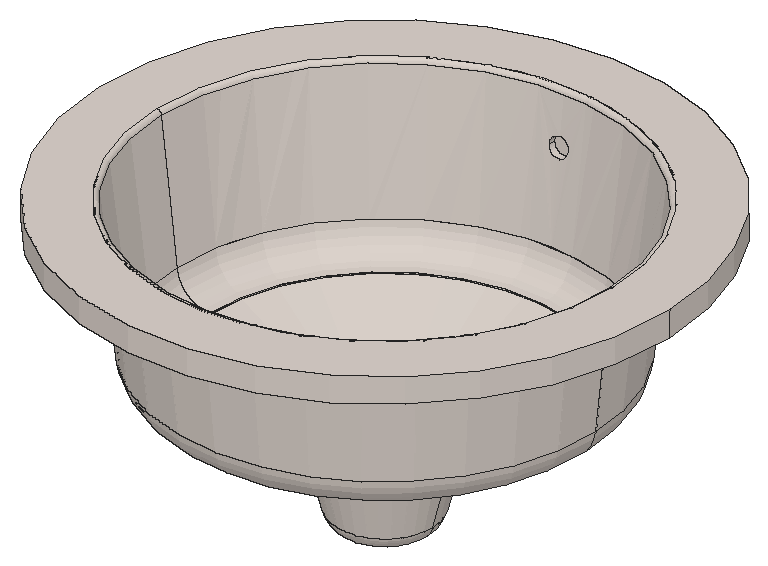
Revit family "xBasin-Undercounter-DXV-Pop_Round-D20055000_Series", category Plumbing Fixtures, Revit 2014
Parameters (values of type "D20055000.071")
  Width = 14 5/8"
  Waste Connection Radius = 5/8"
  Waste Connection Height = 20 1/4"
  Waste Connection Diameter = Waste Connection Radius * 2  # 1 1/4"
  Waste Connection = yes
  Warranty Documentation Link = "https://www.dxv.com/-/media/files/dxv/warranty/dxv_warranty_booklet.ashx"
  WFU = 2
  Vent Connection = no
  URL = "http://www.dxv.com/"
  Product Page URL = "https://www.dxv.com/product/pop-round-undermount-bathroom-sink-by-dxv"
  Product Documentation Link = "https://dxv01.blob.core.windows.net/dxv-product-pdf-files/spec_D20055000_DXV_Pop_rd_uc_lav_EN.pdf"
  Price = "Prices may vary. Please consult Manufacturer Representative for most up-to-date price list."  # constant formula
  Outlet Location = 3 1/16"
  Model = "D20055000.071"
  Material = "Vitreous China-DXV-071-Biscuit"
  Manufacturer = "DXV"  # constant formula
  Length = 14 5/8"
  Installation Type = "Undercounter"  # constant formula
  Hot Water Connection Width = 4"
  Hot Water Connection Radius = 1/4"
  Hot Water Connection Height = 22 3/4"
  Hot Water Connection Diameter = Hot Water Connection Radius * 2  # 1/2"
  Height = 7 1/2"
  HWFU = 1.5
  HW Connection = yes
  Finish = Vitreous China-DXV-071-Biscuit
  Description = "Pop Round Under Counter Lavatory "  # constant formula
  Default Elevation = 34"
  Creation Date = "11/15/2017"  # constant formula
  Cold Water Connection Width = 4"
  Cold Water Connection Radius = 1/4"
  Cold Water Connection Height = Hot Water Connection Height  # 22 3/4"
  Cold Water Connection Diameter = Cold Water Connection Radius * 2  # 1/2"
  CWFU = 1.5
  CW Connection = yes
  Basin Shape = "Round"  # constant formula
  Assembly Code = "D2010310"
  ADA Compliant = yes
Types (4): name | Model | Material | Finish
  (no name) | "D20055000.071" | "Vitreous China-DXV-071-Biscuit" | Vitreous China-DXV-071-Biscuit
  D20055000.415 | "D20055000.415" | "Vitreous China-DXV-415-Canvas White" | Vitreous China-DXV-415-Canvas White
  D20055000.071 | "D20055000.071" | "Vitreous China-DXV-071-Biscuit" | Vitreous China-DXV-071-Biscuit
  D20055000.178 | "D20055000.178" | "Vitreous China-DXV-178-Black" | Vitreous China-DXV-178-Black
Reference planes (in)
  plane 1 "Center (Front/Back)": y = 0
  plane 2: z = 0
  plane 3 "Center (Left/Right)": x = 0
  plane 4: y = -3.0625
  plane 5: y = -4.625
  plane 6: z = -34
  plane 7: z = -7.5
  plane 8: z = -11.25
  plane 9: z = -13.75
  plane 10: z = -0.625
  plane 11: z = -5.5
  plane 12: x = -1
  plane 13: x = 1
  plane 14: y = -5.125
  plane 15: z = 1
  plane 16: y = -9.375
  plane 17: y = -17.6875
  plane 18: y = -10.375
  plane 19: x = 7.3125
  plane 20: x = -7.3125
  plane 21: x = 5.75
  plane 22: x = -5.75
  plane 23: y = -16.125
Forms (in)
  Sweep 1, solid, material "Vitreous China-DXV-071-Biscuit" <- "Finish"
    path origin (0, -9.4375, 0) x (1, 0, 0) y (0, 1, 0)
      loop
        circle (0, -0.9375) r 7.3125
    profile origin (7.3125, -10.375, 0) x (-1, 0, 0) y (0, 0, 1)
      loop
        line (0, 0) -> (0, -0.625) -> (1.46158, -0.625)
        arc (1.46158, -0.625) -> (1.54466, -0.65661) -> (1.58573, -0.73546) r 0.125
        line (1.58573, -0.73546) -> (1.90674, -3.47578)
        arc (1.90674, -3.47578) -> (2.20567, -4.04976) -> (2.81052, -4.27988) r 0.90996
        line (2.81052, -4.27988) -> (2.8445, -4.27988) -> (2.8445, -4.21738) -> (2.81052, -4.21738)
        arc (2.81052, -4.21738) -> (2.24721, -4.00306) -> (1.96881, -3.46851) r 0.84746
        line (1.96881, -3.46851) -> (1.57544, -0.11046)
        arc (1.57544, -0.11046) -> (1.53438, -0.03161) -> (1.45129, 0) r 0.125
        line (1.45129, 0) -> (0.15948, 0) -> (0, 0)
  Blend 2, solid, material "Vitreous China-DXV-071-Biscuit" <- "Finish"
    base sketch origin (0, -9.4375, 0) x (1, 0, 0) y (0, 1, 0)
      loop
        circle (0, -0.9375) r 1
    top sketch origin (0, -9.4375, 0) x (1, 0, 0) y (0, 1, 0)
      loop
        circle (0, -0.9375) r 4.468
    from -6.00409 to -4.21738
  Revolve 3, solid, material "Vitreous China-DXV-071-Biscuit" <- "Finish"
    sketch origin (0, -10.375, 0) x (1, 0, 0) y (0, 0, 1)
      loop
        line (-0.625, -7.5) -> (-0.625, -5.25) -> (-1.74613, -5.25) -> (-1.24255, -7.12941)
        arc (-1.24255, -7.12941) -> (-1.06397, -7.39668) -> (-0.75959, -7.5) r 0.5
        line (-0.75959, -7.5) -> (-0.625, -7.5)
      axis (0, -7.5) -> (0, -5.25)
    angle from 0 to 360
  Extrusion 4, void
    sketch origin (0, -9.4375, 0) x (1, 0, 0) y (0, 1, 0)
      loop
        circle (0, -0.9375) r 0.75
    from -7.5 to -3.38939
  Extrusion 5, solid, not visible
    sketch origin (0, 0, 0) x (1, 0, 0) y (0, 0, 1)
      loop
        circle (-4, -11.25) r 0.25
      loop
        circle (4, -11.25) r 0.25
      loop
        circle (0, -13.75) r 0.625
    from 0 to 0.03125
  Extrusion 6, void
    sketch origin (0, 0, 0) x (1, 0, 0) y (0, 0, 1)
      loop
        circle (0, -1.28839) r 0.25
    from 4.625 to 5.125
  Blend 7, void
    base sketch origin (0, -9.4375, 0) x (1, 0, 0) y (0, 1, 0)
      loop
        circle (0, -0.9375) r 1
    top sketch origin (0, -9.4375, 0) x (1, 0, 0) y (0, 1, 0)
      loop
        circle (0, -0.9375) r 4.468
    from -5.5 to -4.21738
  Extrusion 8, void
    sketch origin (0, 0, 0) x (1, 0, 0) y (0, 1, 0)
      loop
        circle (0, -10.375) r 5.375
    from -7.5 to 1
  Sweep 9, solid, material "Vitreous China-DXV-071-Biscuit" <- "Finish"
    path origin (0, 0, 0) x (1, 0, 0) y (0, 1, 0)
      loop
        arc (1.58271, -3.23584) -> (0, -3.0625) -> (-1.58271, -3.23584) r 7.3125
    profile origin (0, -3.0625, 0) x (0, -1, 0) y (0, 0, 1)
      loop
        line (0.80787, -0.59375) -> (1.20886, -4.11256)
        arc (1.20886, -4.11256) -> (1.56984, -4.77102) -> (2.28869, -4.98814) r 0.99238
        arc (2.28869, -4.98814) -> (2.95079, -5.07454) -> (3.50979, -5.43972) r 1.5
        line (3.50979, -5.43972) -> (5.02426, -7.00883)
        arc (5.02426, -7.00883) -> (5.1886, -7.12183) -> (5.38403, -7.1616) r 0.5
        line (5.38403, -7.1616) -> (6.39343, -7.1616) -> (6.39343, -5.96956) -> (2.8445, -4.23864)
        arc (2.8445, -4.23864) -> (2.28489, -4.05464) -> (1.94365, -3.57446) r 0.94302
        line (1.94365, -3.57446) -> (1.60398, -0.59375) -> (0.80787, -0.59375)
Cuts and joins
  Extrusion 4, Extrusion 6 cuts Sweep 1
  Extrusion 4, Blend 7 cuts Blend 2
  Extrusion 4, Blend 7 cuts Revolve 3
  Extrusion 4, Extrusion 6 cuts Sweep 9
  joined: Sweep 1, Blend 2, Revolve 3, Sweep 9
Lines and regions (in)
  Masking region 1
    outline origin (0, -1, 0) x (1, 0, 0) y (0, 1, 0)
      loop
        circle (0, -9.375) r 7.3125
  symbolic lines, detail levels medium+fine
    curve 1: circle (0, -10.375, 0) r 0.75 normal (0, 0, 1)
    curve 3: circle (0, -10.375, 0) r 5.75 normal (0, 0, 1)
  symbolic lines, detail levels fine
    curve 2: circle (0, -10.375, 0) r 1 normal (0, 0, 1)
    curve 4: circle (0, -10.375, 0) r 4.5 normal (0, 0, 1)
Dimensions and locks (in)
  "Default Elevation": level to plane 6
  "Waste Connection Height": plane 9 to plane 6
  "Hot Water Connection Height": plane 8 to plane 6
  "Height": level to plane 7
  level to plane 10 = 5/8"
  "Outlet Location": plane 1 "Center (Front/Back)" to plane 4
  level to plane 11 = 5 1/2"
  "Length": plane 4 to plane 17
  plane 4 to plane 18 = 7 5/16"
  plane 5 to plane 23 = 11 1/2"
  "Width": plane 20 to plane 19
  plane 22 to plane 21 = 11 1/2"
  aligned and locked: Extrusion 6 to plane 5
  aligned and locked: Extrusion 6 to plane 14
  aligned and locked: plane 15 to Extrusion 8
Automatic sketch dimensions
  Blend 2 sketch curve to plane 3 "Center (Left/Right)" = 0"  (x2)
  Extrusion 4 sketch curve to plane 3 "Center (Left/Right)" = 0"
  Extrusion 5 sketch curve to plane 3 "Center (Left/Right)" = 0"
  Extrusion 5 sketch curve to plane 9 = 0"
  Extrusion 5 sketch curve to plane 8 = 0"  (x2)
  Extrusion 6 sketch curve to plane 3 "Center (Left/Right)" = 0"
  Extrusion 6 sketch curve to plane 10 = 0.66339"
  Blend 7 sketch curve to plane 3 "Center (Left/Right)" = 0"  (x2)
  Revolve 3 sketch curve to plane 7 = 0"
  Revolve 3 sketch curve to plane 3 "Center (Left/Right)" = 0"
  Revolve 3 sketch curve to plane 3 "Center (Left/Right)" = 5/8"
  Revolve 3 sketch curve to Revolve 3 sketch curve = 0.13459"
  plane 7 to Revolve 3 sketch curve = 0.37059"
  Revolve 3 sketch curve to Revolve 3 sketch curve = 0.48296"
  plane 11 to Revolve 3 sketch curve = 1/4"
  Revolve 3 sketch curve to Revolve 3 sketch curve = 1.12113"
  Revolve 3 sketch curve to plane 7 = 1/4"
  Revolve 3 sketch curve to Revolve 3 sketch curve = 1/2"
  Blend 2 sketch curve to plane 14 = 5 1/4"
  Extrusion 4 sketch curve to plane 14 = 5 1/4"
  Blend 7 sketch curve to plane 14 = 5 1/4"
  Sweep 1 sketch curve to Sweep 1 sketch curve = 0"  (x2)
  Sweep 1 sketch curve to profile plane = 0"  (x2)
  Sweep 1 sketch curve to profile plane = 0.15948"
  Sweep 1 sketch curve to Sweep 1 sketch curve = 1.29181"
  Sweep 1 sketch curve to Sweep 1 sketch curve = 0.01029"
  Sweep 1 sketch curve to profile plane = 0.11046"
  Sweep 1 sketch curve to Sweep 1 sketch curve = 0.12415"  (x2)
  Sweep 1 sketch curve to profile plane = 0.73546"
  Sweep 1 sketch curve to profile plane = 1.90674"
  Sweep 1 sketch curve to Sweep 1 sketch curve = 0.06208"
  Sweep 1 sketch curve to Sweep 1 sketch curve = 0.84171"
  Sweep 1 sketch curve to Sweep 1 sketch curve = 0.03398"
  Sweep 1 sketch curve to Sweep 1 sketch curve = 0.01454"
  Sweep 1 sketch curve to Sweep 1 sketch curve = 2.63446"
  Sweep 1 sketch curve to Sweep 1 sketch curve = 0.0986"
  Sweep 1 sketch curve to Sweep 1 sketch curve = 0.00727"
  Extrusion 5 sketch curve to plane 12 = 3"
  plane 13 to Extrusion 5 sketch curve = 3"
  Sweep 1 sketch curve to plane 3 "Center (Left/Right)" = 0"
  Sweep 1 sketch curve to plane 18 = 0"
  Extrusion 8 sketch curve to plane 3 "Center (Left/Right)" = 0"
  Extrusion 8 sketch curve to plane 18 = 0"
  Blend 7 sketch curve to plane 18 = 0"
  Blend 2 sketch curve to plane 18 = 0"
  Sweep 9 sketch curve to profile plane = 0.80787"
  Sweep 9 sketch curve to profile plane = 1.20886"
  Sweep 9 sketch curve to Sweep 9 sketch curve = 0.79611"
  Sweep 9 sketch curve to Sweep 9 sketch curve = 0.73479"
  Sweep 9 sketch curve to Sweep 9 sketch curve = 0.25121"
  Sweep 9 sketch curve to profile plane = 2.4305"
  Sweep 9 sketch curve to Sweep 9 sketch curve = 0.90085"
  Sweep 9 sketch curve to Sweep 9 sketch curve = 0.66529"
  Sweep 9 sketch curve to Sweep 9 sketch curve = 1.51447"
  Sweep 9 sketch curve to Sweep 9 sketch curve = 0.35976"
  Sweep 9 sketch curve to Sweep 9 sketch curve = 1.0094"
  Sweep 9 sketch curve to level = 7.1616"
  Sweep 9 sketch curve to Sweep 9 sketch curve = 0.15277"
  Sweep 9 sketch curve to Sweep 9 sketch curve = 0.52742"
  Sweep 9 sketch curve to Sweep 9 sketch curve = 1.0417"
  Sweep 9 sketch curve to Sweep 9 sketch curve = 1.32715"
  Sweep 9 sketch curve to Sweep 9 sketch curve = 0.11236"
  Sweep 9 sketch curve to Sweep 9 sketch curve = 0.42574"
  Sweep 9 sketch curve to Sweep 9 sketch curve = 0.27884"
  Sweep 9 sketch curve to level = 19/32"
  Sweep 9 sketch curve to Sweep 9 sketch curve = 1.19204"
  Masking region 1 sketch curve to plane 3 "Center (Left/Right)" = 0"
  Masking region 1 sketch curve to plane 18 = 0"
  curve 1 to curve 2 = 0"  (x2)
  curve 1 to curve 3 = 0"  (x2)
  curve 1 to curve 4 = 0"  (x2)
  curve 2 to curve 3 = 0"  (x2)
  curve 2 to curve 4 = 0"  (x2)
  curve 3 to curve 4 = 0"  (x2)
  curve 2 to plane 3 "Center (Left/Right)" = 0"
  curve 2 to plane 18 = 0"
  radius of Blend 2 sketch curve = 1"
  radius of Extrusion 4 sketch curve = 3/4"
  radius of Extrusion 5 sketch curve = 1/4"  (x2)
  radius of Extrusion 5 sketch curve = 5/8"
  radius of Extrusion 6 sketch curve = 1/4"
  radius of Blend 7 sketch curve = 1"
  radius of Sweep 1 sketch curve = 7 5/16"
  radius of Extrusion 8 sketch curve = 5 3/8"
  radius of Blend 7 sketch curve = 4.468"
  radius of Blend 2 sketch curve = 4.468"
  radius of Masking region 1 sketch curve = 7 5/16"
  radius of curve 1 = 3/4"
  radius of curve 2 = 1"
  radius of curve 3 = 5 3/4"
  radius of curve 4 = 4 1/2"
Connectors (in)
  piping at (-4, 0, -11.25), diameter 0.5, driven by "Hot Water Connection Radius", driven by "HWFU"
    settings: on Extrusion 5, index 1, connector inside diameter 1/2", connector length 0", flow factor 0, pipe flow 0 GPM, pressure drop 0.00 psi, fitting loss kfactor 0, connector angle 0.00°, fixture units 1.5, engagement length 0", angle of deflection 0.00°, flow configuration 3, flow direction 1, fitting loss method 0, system type 19, joint type 0, gender type 0, connector reference index -1, connector utility 0, adjustable connector no, is connector primary yes, connector description "1/2\" HW Supply Inlet"
  piping at (0, 0, -13.75), diameter 1.25, driven by "Waste Connection Radius", driven by "WFU"
    settings: on Extrusion 5, index 2, connector inside diameter 1 1/4", connector length 0", flow factor 0, pipe flow 0 GPM, pressure drop 0.00 psi, fitting loss kfactor 0, connector angle 0.00°, fixture units 2, engagement length 0", angle of deflection 0.00°, flow configuration 3, flow direction 2, fitting loss method 0, system type 16, joint type 0, gender type 0, connector reference index -1, connector utility 0, adjustable connector yes, is connector primary no, connector description "1-1/4\" O.D. Waste Outlet"
  piping at (4, 0, -11.25), diameter 0.5, driven by "Cold Water Connection Radius", driven by "CWFU"
    settings: on Extrusion 5, index 3, connector inside diameter 1/2", connector length 0", flow factor 0, pipe flow 0 GPM, pressure drop 0.00 psi, fitting loss kfactor 0, connector angle 0.00°, fixture units 1.5, engagement length 0", angle of deflection 0.00°, flow configuration 3, flow direction 1, fitting loss method 0, system type 20, joint type 0, gender type 0, connector reference index -1, connector utility 0, adjustable connector no, is connector primary no, connector description "1/2\" CW Supply Inlet"
